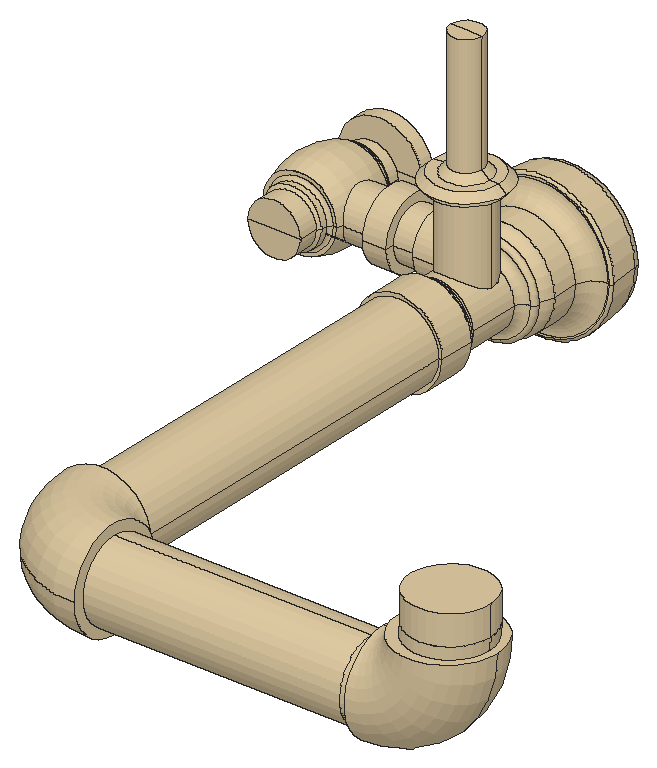
Revit family "Plumbing-Valves-Sloan-ROYAL-143-WBz", category Plumbing Fixtures, host Face, Revit 2019
Family settings
  Host = Face
  Round Connector Dimension = Use Diameter
  Part Type = Normal
  OmniClass Number = 23.45.05.14.99
  OmniClass Title = Other Sanitary Washing Plumbing Fixtures
  Cut with Voids When Loaded = No
  Shared = No
  Room Calculation Point = No
Parameters (values of type "Not a Type - Load Type Catalog!")
  Water Inlet Connection Diameter = 1"  # constant formula
  Waste Connection = no
  WFU = 0
  Vent Connection = no
  Valve Pressure Drop = 0.00 psi
  URL = "www.sloanvalve.com"
  Product data url = "https://www.bimobject.com/sloan_valve/product/flushometers_royal-143"
  Product Material = Sloan Valve - Finish - Rough Brass
  Product Guid = ""
  Part Number = "Part Number not specified - Load Type Catalog!"
  Operating Water Pressure = "15 – 80 PSI (103 – 552 kPa)"  # constant formula
  Model = "Model not specified - Load Type Catalog!"
  Manufacturer = "Sloan Valve"  # constant formula
  Keynote = "15410"
  Height = 16 1/2"  # constant formula
  HWFU = 0
  HW Connection = no
  Flush Rate = "1.28 gpf (4.8 Lpf)"
  Edition number = 1
  Description = "1.28 gpf, Rough Brass Finish, Fixture Connection Rear Spud, Single\r\nFlush, 8.75 L Dimension, Royal® Concealed Manual Water Closet\r\nFlushometer."
  Default Elevation = 0"
  Centerline of Supply to Centerline of Valve = 4 3/4"  # constant formula
  Centerline of Supply from Top of Fixture = 14 1/2"  # constant formula
  CWFU = 0
  CW Connection = yes
  Assembly Code = "D2020300"
Reference planes (in)
  plane 1 "Center (Front/Back)": y = 0
  plane 2: z = 0
  plane 3 "Center (Left/Right)": x = 0
  plane 4: z = -2.75
Dimensions and locks (in)
  level to plane 4 = 2 3/4"
  plane 2 to plane 4 = 2 3/4"
  aligned and locked: plane 2 to host face
  aligned and locked: level to host face
Nested families (in)
  nested 1: "Geometry" at (0, 0, -0.09375) x (1, 0, 0) z (0, 1, 0), type "Geometry"
Connectors (in)
  piping at (-4.75, 10.71272, -2.84375), diameter 1, driven by "Water Inlet Connection Diameter", driven by "CWFU", driven by "Valve Pressure Drop"
    settings: on nested 1, index 2, connector inside diameter 24", connector length 0", flow factor 0, pipe flow 0 GPM, pressure drop 0.00 psi, fitting loss kfactor 0, connector angle 0.00°, fixture units 0, engagement length 0", angle of deflection 0.00°, flow configuration 3, flow direction 1, fitting loss method 4, system type 20, joint type 0, gender type 0, connector reference index -1, connector utility 0, adjustable connector no, is connector primary yes, connector description "Water Inlet Connection"
Definition of nested family "Geometry"
  Parameters (values of type "Geometry")
    URL = ""
    Product Material = none
    Model = ""
    Manufacturer = ""
    Keynote = ""
    Description = ""
    Default Elevation = 0"
    Assembly Code = ""
  Reference planes (in)
    plane 1 "Center (Front/Back)": y = 0
    plane 2: z = 0
    plane 3 "Center (Left/Right)": x = 0
    plane 4: z = -2.18563
    plane 5: z = -2.18563
    plane 6: y = 2.65625
  Forms (in)
    Extrusion 1, solid
      sketch origin (0, 0, 0) x (1, 0, 0) y (0, 1, 0)
        loop
          line (-48, 48) -> (-48, -48) -> (48, -48) -> (48, 48) -> (-48, 48)
      from 0 to -12
    Sweep 2, solid, material <- "Product Material"
      path origin (3.49432, 2.75, 0.37543) x (-1, 0, 0) y (0, 0, 1)
        loop
          arc (3.55682, -0.95171) -> (3.08545, -2.08969) -> (1.94746, -2.56106) r 1.60936
      profile origin (0.40887, 2.75, -1.71426) x (-0.707107, 0, -0.707107) y (0, 1, 0)
        loop
          circle (0, 0) r 1.25
    Revolve 3, solid, material <- "Product Material"
      sketch origin (0.0625, 2.75, -2.18563) x (1, 0, 0) y (0, 0, 1)
        loop
          line (-0.0625, 16.69344) -> (-0.0625, 1.60936) -> (0.9375, 1.60936) -> (0.9375, 10.86744) -> (1.03327, 10.86744) -> (1.03327, 11.76852) -> (0.95435, 11.84744) -> (0.91284, 11.84744) -> (0.91284, 11.94019)
          arc (0.91284, 11.94019) -> (0.86086, 11.99073) -> (0.8401, 12.0602) r 0.14399
          line (0.8401, 12.0602) -> (0.79323, 12.0602) -> (0.79323, 13.42042)
          arc (0.79323, 13.42042) -> (0.86338, 13.58978) -> (1.03273, 13.65993) r 0.23951
          arc (1.03273, 13.65993) -> (1.12789, 13.75509) -> (1.03273, 13.85024) r 0.09516
          arc (1.03273, 13.85024) -> (1.15443, 13.99975) -> (1.19732, 14.1877) r 0.42387
          line (1.19732, 14.1877) -> (1.19732, 14.8327)
          arc (1.19732, 14.8327) -> (1.3307, 15.1547) -> (1.65269, 15.28808) r 0.45537
          line (1.65269, 15.28808) -> (1.70218, 15.28808)
          arc (1.70218, 15.28808) -> (1.74573, 15.30611) -> (1.76376, 15.34966) r 0.06159
          arc (1.76376, 15.34966) -> (1.74402, 15.73587) -> (1.68498, 16.11804) r 3.78657
          arc (1.68498, 16.11804) -> (1.56381, 16.32595) -> (1.33756, 16.40795) r 0.35313
          line (1.33756, 16.40795) -> (0.87299, 16.44067) -> (0.87299, 16.69344) -> (-0.0625, 16.69344)
        axis (-0.0625, 1.60936) -> (-0.0625, 16.69344)
      angle from 0 to 360
    Revolve 4, solid, material <- "Product Material"
      sketch origin (-0.0686, 2.75, -2.18563) x (-1, 0, 0) y (0, 0, -1)
        loop
          line (4.6814, -16.56002) -> (5.73142, -16.56002) -> (5.73142, -16.21943) -> (4.91576, -16.21943) -> (4.91576, -16.03443)
          arc (4.91576, -16.03443) -> (4.93184, -16.01954) -> (4.9291, -15.9978) r 0.02398
          line (4.9291, -15.9978) -> (4.99318, -15.9978) -> (4.99318, -15.94798) -> (5.33596, -15.94798) -> (5.33596, -15.59815) -> (5.36676, -15.59815) -> (5.46307, -15.54209) -> (5.46307, -15.46135) -> (5.5094, -15.46135)
          arc (5.5094, -15.46135) -> (5.53926, -15.38075) -> (5.60315, -15.32326) r 0.17962
          arc (5.60315, -15.32326) -> (5.75284, -14.51731) -> (5.60315, -13.71135) r 2.24461
          line (5.60315, -13.71135) -> (5.5082, -13.71135)
          arc (5.5082, -13.71135) -> (5.4423, -13.68405) -> (5.415, -13.61814) r 0.09321
          line (5.415, -13.61814) -> (5.415, -13.46135) -> (5.33765, -13.384) -> (5.33765, -12.89835) -> (4.6814, -12.89835) -> (4.6814, -16.56002)
        axis (4.6814, -12.89835) -> (4.6814, -16.56002)
      angle from 0 to 360
    Revolve 5, solid, material <- "Product Material"
      sketch origin (0, 2.75, -2.14657) x (-1, 0, 0) y (0, 0, -1)
        loop
          line (4.68804, -14.45744) -> (0.56484, -14.45744) -> (0.56484, -15.22573) -> (1.9314, -15.22573) -> (1.9314, -15.11464) -> (2.5214, -15.11464) -> (2.5214, -15.33244) -> (3.11011, -15.33244) -> (3.11011, -15.11464) -> (4.68804, -15.11464) -> (4.68804, -14.45744)
        axis (4.68804, -14.45744) -> (0.56484, -14.45744)
      angle from 0 to 360
    Sweep 6, solid, material <- "Product Material"
      path origin (0, -0.75003, -2.18563) x (1, 0, 0) y (0, 1, 0)
        loop
          line (1.54686, 3.50003) -> (8, 3.50003)
          arc (8, 3.50003) -> (9.41421, 2.91424) -> (10, 1.50003) r 2
          line (10, 1.50003) -> (10, 0.75003)
      profile origin (4.77343, 2.75, -2.18563) x (0, 1, 0) y (0, 0, 1)
        loop
          circle (0, 0) r 1
    Sweep 7, solid, material <- "Product Material"
      path origin (6.38068, 0.09519, -2.18563) x (0, -1, 0) y (1, 0, 0)
        loop
          arc (-0.95171, 3.55682) -> (-2.08969, 3.08545) -> (-2.56106, 1.94746) r 1.60936
      profile origin (9.46613, 2.18488, -2.18563) x (-0.707107, -0.707107, 0) y (0, 0, 1)
        loop
          circle (0, 0) r 1.25
    Revolve 8, solid, material <- "Product Material"
      sketch origin (0, -0.75003, 10.81437) x (1, 0, 0) y (0, 1, 0)
        loop
          line (-0.89645, 0.75003) -> (-1, 0.75003) -> (-0.82322, 0.57325) -> (-0.57322, 0.57325) -> (-0.39645, 0.39647) -> (-0.39645, -2.60253) -> (0, -2.60253) -> (0, 3.50003) -> (-0.64645, 3.50003) -> (-0.64645, 0.87503) -> (-0.89645, 0.87503) -> (-0.89645, 0.75003)
        axis (0, 3.50003) -> (0, -2.60253)
      angle from 0 to 360
  Lines and regions (in)
    Masking region 1
      outline origin (0, -0.75003, -2.18563) x (1, 0, 0) y (0, 1, 0)
        loop
          arc (-1.69109, 2.73174) -> (-1.26598, 2.14086) -> (-0.64645, 1.75872) r 1.85743
          line (-0.64645, 1.75872) -> (-0.64645, 0.87503) -> (-0.89645, 0.87503) -> (-0.89645, 0.75003) -> (-1, 0.75003) -> (-0.82322, 0.57325) -> (-0.57322, 0.57325) -> (-0.39645, 0.39647) -> (-0.39645, -2.60253) -> (0.39645, -2.60253) -> (0.39645, 0.39647) -> (0.57322, 0.57325) -> (0.82322, 0.57325) -> (1, 0.75003) -> (0.89645, 0.75003) -> (0.89645, 0.87503) -> (0.64645, 0.87503) -> (0.64645, 1.75872)
          arc (0.64645, 1.75872) -> (1.1668, 2.05482) -> (1.56593, 2.50107) r 1.85743
          line (1.56593, 2.50107) -> (7.96513, 2.50107)
          arc (7.96513, 2.50107) -> (8.14959, 2.4845) -> (8.32814, 2.43531) r 1.03487
          line (8.32814, 2.43531) -> (8.32814, 2.15628)
          arc (8.32814, 2.15628) -> (8.54648, 2.01526) -> (8.6875, 1.79692) r 0.6178
          line (8.6875, 1.79692) -> (8.94573, 1.79692)
          arc (8.94573, 1.79692) -> (8.98634, 1.63377) -> (9, 1.4662) r 1.03487
          line (9, 1.4662) -> (9, 0.75003) -> (11, 0.75003) -> (11, 1.81019) -> (11.19649, 1.81019)
          arc (11.19649, 1.81019) -> (10.35637, 3.83842) -> (8.32814, 4.67854) r 2.86835
          line (8.32814, 4.67854) -> (8.32814, 4.49899) -> (1.56593, 4.49899)
          arc (1.56593, 4.49899) -> (-0.13122, 5.35282) -> (-1.69109, 4.26832) r 1.85743
          line (-1.69109, 4.26832) -> (-1.9314, 4.26832) -> (-1.9314, 4.15723) -> (-2.5214, 4.15723) -> (-2.5214, 4.37503) -> (-3.11011, 4.37503) -> (-3.11011, 4.15723) -> (-3.88741, 4.15723)
          arc (-3.88741, 4.15723) -> (-5.83442, 3.50003) -> (-3.88741, 2.84283) r 1.08442
          line (-3.88741, 2.84283) -> (-3.11011, 2.84283) -> (-3.11011, 2.62503) -> (-2.5214, 2.62503) -> (-2.5214, 2.84283) -> (-1.9314, 2.84283) -> (-1.9314, 2.73174) -> (-1.69109, 2.73174)
    symbolic lines, detail levels medium+fine
      curve 1: circle (0, 2.75, -2.18563) r 1.85743 normal (0, 0, 1)
      curve 3: arc (-3.88741, 3.4072, -2.18563) -> (-3.66408, 2.75, -2.18563) -> (-3.88741, 2.0928, -2.18563) r 1.07866
      curve 7: line (8.32814, 3.74896, -2.18563) -> (8.32814, 1.68528, -2.18563)
      curve 8: line (8.95539, 1.04689, -2.18563) -> (10.98847, 1.04689, -2.18563)
      curve 10: line (0.89645, 0, -2.18563) -> (-0.89645, 0, -2.18563)
      curve 11: line (-0.57322, -0.17678, -2.18563) -> (0.57322, -0.17678, -2.18563)
    symbolic lines, detail levels fine
      curve 2: circle (0, 2.75, -2.18563) r 1.25 normal (0, 0, 1)
      curve 4: line (-3.11011, 3.4072, -2.18563) -> (-3.11011, 2.0928, -2.18563)
      curve 5: line (-2.5214, 2.0928, -2.18563) -> (-2.5214, 3.4072, -2.18563)
      curve 6: line (-1.9314, 3.4072, -2.18563) -> (-1.9314, 2.0928, -2.18563)
      curve 9: line (-0.64645, 0.125, -2.18563) -> (0.64645, 0.125, -2.18563)
      curve 12: line (0.39645, -0.35355, -2.18563) -> (-0.39645, -0.35355, -2.18563)
  Dimensions and locks (in)
    level to plane 4 = 2.18563"
    aligned and locked: plane 2 to Extrusion 1
    aligned and locked: level to Extrusion 1
